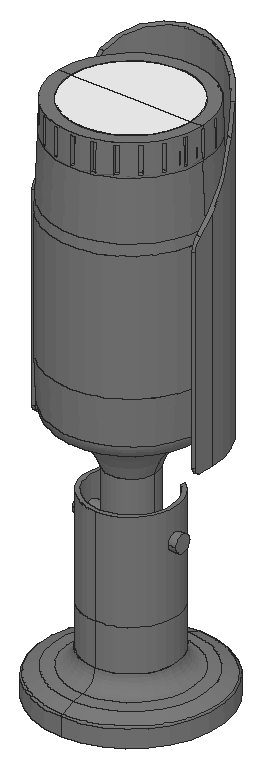
Revit family "Camera-Security-HanwhaTechwin-Bullet-Wisenet Q-QNO-8020R_inch", category Security Devices, host Face, Revit 2020
Family settings
  Host = Face
  Maintain Annotation Orientation = Yes
  Round Connector Dimension = Use Diameter
  Part Type = Normal
  OmniClass Number = 23.85.30.17.14
  OmniClass Title = Video Surveillance
  Cut with Voids When Loaded = No
  Shared = No
  Room Calculation Point = No
Parameters (values of type "Standard")
  zz Length 3 [instance] = if(1 = 1, View Distance + 1.5311", View Distance + 1.5311")  # 37.5311"
  zz Length 2 [instance] = tan(Field of View Horizontal Actual / 2) * View Distance  # 30.10067"
  zz Length 1 [instance] = tan(Field of View Vertical Actual / 2) * View Distance  # 19.99621"
  zz Angle 4 [instance] = if(1 = 1, Camera Shield Rotation, Camera Shield Rotation)  # 0.00°
  zz Angle 3 [instance] = Camera Tilt Actual + 90.00°  # 90.00°
  zz Angle 2 [instance] = 90.00° - Camera Shield Rotation  # 90.00°
  zz Angle 1 [instance] = if(1 = 1, Camera Base Rotation + 270.00°, Camera Base Rotation + 270.00°)  # 270.00°
  Wide Dynamic Range [instance] = "120dB"  # constant formula
  White Balance [instance] = "ATW / AWC / Manual / Indoor / Outdoor"  # constant formula
  Webpage Language [instance] = "English, Korean, Chinese, French, Italian, Spanish, German, Japanese, Russian, Swedish,,\r\nPortuguese, Czech, Polish, Turkish, Dutch, Hungarian, Greek"  # constant formula
  Web Viewer [instance] = "Supported OS : Windows 7, 8.1, 10, Mac OS X 10.10, 10.11, 10.12, 10.13, 10.14\r\nRecommended Browser : Google Chrome\r\nSupported Browser : MS Explorer11, MS Edge, Mozilla Firefox (Windows 64bit only),\r\nApple Safari (Mac OS X only)"  # constant formula
  WarrantyStartDate [instance] = "1900-12-31T23:59:59"
  WarrantyGuarantorParts = ""
  WarrantyGuarantorLabor = ""
  WarrantyDurationUnit = ""
  WarrantyDurationParts = ""
  WarrantyDurationLabor = ""
  WarrantyDescription = ""
  Voltage = 12 V
  View Distance [instance] = 36"
  Video Rotation [instance] = "Flip, Mirror, Hallway view(90˚/270˚)"  # constant formula
  Video Quality Adjustment [instance] = "H.264/H.265 : Target bitrate level control / MJPEG : Quality level control"  # constant formula
  Video Out [instance] = "CVBS : 1.0 Vp-p / 75Ω composite, 720 x 480(N), 720 x 576(P) for installation"  # constant formula
  Video Compression [instance] = "H.265/H.264 : Main/High, MJPEG"  # constant formula
  Version = "1"
  Unit Conversion [instance] = 39.37008"
  Uniclass2 = "Pr_60_75_75_86_86"
  URL = "https://www.hanwha-security.com"
  Tilt Range [instance] = "0˚~67˚"  # constant formula
  TagNumber (default) [instance] = ""
  SustainabilityPerformance = ""
  Streaming [instance] = "Unicast (6 users) / Multicast / Multiple streaming (Up to 3 profiles)"  # constant formula
  Storage Temperature [instance] = "-30°C ~ +60°C (-22°F ~ +140°F)"  # constant formula
  Storage Humidity [instance] = "Less than 90% RH"  # constant formula
  Smart Codec [instance] = "WiseStream II"  # constant formula
  Size = "Ø2.76\" x 9.69\" (Ø70.0 x 246.0mm)"
  Shape = ""
  SerialNumber (default) = ""
  Security [instance] = "HTTPS (SSL) login authentication, Digest login authentication, IP address filtering,\r\nUser access log, 802.1X authentication (EAP-TLS, EAP-LEAP)"  # constant formula
  Rotate Range [instance] = "0˚~355˚"  # constant formula
  Revision = ""
  Resolution [instance] = "2592 x 1944, 1920 x 1080, 1280 x 960, 1280 x 720, 800 x 600, 800 x 448, 720 x 576, 720 x 480,\r\n640 x 480, 640 x 360"  # constant formula
  ReplacementCost = ""
  Protocol [instance] = "IPv4, IPv6, TCP/IP, UDP/IP, RTP(UDP), RTP(TCP), RTCP, RTSP, NTP, HTTP, HTTPS, SSL/TLS, DHCP, FTP, SMTP, ICMP, IGMP, SNMPv1/v2c/v3(MIB-2), ARP, DNS, DDNS, QoS, PIM-SM, UPnP, Bonjour, LLDP"  # constant formula
  ProductInformation = ""
  Product Weight [instance] = "680g (1.499 lb)"  # constant formula
  Product Page URL = "https://www.hanwha-security.com/en/products/camera/network/bullet/QNO-8020R/overview/?serise=Wisenet%20Q"
  Product Material = Aluminum - HanwhaTechwin - Dark grey
  Product Documentation Link = "https://www.hanwha-security.com/en/products/camera/network/bullet/QNO-8020R/download/"
  Privacy Masking [instance] = "6ea, rectangular zones"  # constant formula
  Power Consumption [instance] = "PoE : Max 7.5W, typical 6.1W"  # constant formula
  Pan Range [instance] = "0˚~350˚"  # constant formula
  Operating Temperature [instance] = "-30°C ~ +55°C (-22°F ~ +131°F)\r\n* Start up should be done at above -20°C"  # constant formula
  Operating Humidity [instance] = " Less than 90% RH"  # constant formula
  NominalWidth = "Ø2.76\" (Ø70.0)"
  NominalLength = "Ø2.76\" (Ø70.0)"
  NominalHeight = "9.69\" (246.0mm)"
  Name = "QNO-8020R"
  NBSTypeID = ""
  NBSReference = ""
  NBSOfficeMasterTag = ""
  NBSNote = ""
  NBSDescription = ""
  NBSCertification = ""
  Motion Detection [instance] = "4ea, polygonal zones"  # constant formula
  ModelReference = "Hanwhatechwin"
  ModelNumber = "QNO-8020R"
  Model = "QNO-8020R"  # constant formula
  Min. Illumination [instance] = "Color : 0.15Lux (F1.6, 1/30sec)\r\nBW : 0Lux (IR LED on)"  # constant formula
  Memory [instance] = "512MB RAM, 256MB Flash"  # constant formula
  Max. Framerate [instance] = "H.265/H.264 : Max. 30fps/25fps (60Hz/50Hz) / MJPEG : Max. 15fps/12fps (60Hz/50Hz)"  # constant formula
  Max. Aperture Ratio [instance] = "F1.6"  # constant formula
  Max Resolution [instance] = 2592
  Material = "Aluminum"
  ManufacturerURL = "http://security.hanwhatechwin.com/"
  ManufacturerName = "Hanwhatechwin"
  Manufacturer = "Hanwha Techwin"  # constant formula
  LDC [instance] = "Support"  # constant formula
  InstallationDate (default) [instance] = "1900-12-31T23:59:59"
  Input Voltage [instance] = "PoE (IEEE802.3af, Class3)"  # constant formula
  Imaging Device [instance] = "1/2.8 5MP CMOS"  # constant formula
  IR Viewable Length [instance] = "25m(82.02ft)"  # constant formula
  Grade = ""
  Gain Control [instance] = "Low / Middle / High"  # constant formula
  Focus Control [instance] = "Fixed"  # constant formula
  Focal Length .Zoom Ratio. [instance] = "4.0mm fixed focal"  # constant formula
  Focal Length [instance] = 0.15748"  # constant formula
  FoV Hide Check [instance] = FoV Hide Check
  FoV Cross Check [instance] = FoV Cross Check
  Finish = ""
  Field of View_Recognize [instance] = Field of View - Recognize
  Field of View_Observe [instance] = Field of View - Observe
  Field of View_Identify [instance] = Field of View - Identify
  Field of View_Detect [instance] = Field of View - Detect
  Field of View is Visible_DORI [instance] = no
  Field of View is Visible [instance] = no
  Field of View Vertical Actual [instance] = 58.10°  # constant formula
  Field of View Horizontal Actual [instance] = 79.80°  # constant formula
  Field of View Diagonal Actual [instance] = 105.90°  # constant formula
  Field of View [instance] = Field of View
  Features = "• Max. 5Megapixel (2592 x 1944) resolution\r\n• 2.8mm/4mm/6mm fixed lens\r\n• 0.15Lux (Color), 0Lux (B/W, IR LED on)\r\n• Max. 30fps@5MP (H.265 / H.264)\r\n• H.265, H.264, MJPEG codec support, Multiple streaming\r\n• Day & Night, WDR (120dB)\r\n• Tampering, Motion detection, Defocus detection\r\n• Micro SD / SDHC / SDXC memory slot (Max. 128GB)\r\n• Hallway view, WiseStream II support\r\n• IR Viewable length 20m/25m/30m\r\n• IP66, IK10, PoE"
  ExpectedLife = ""
  Ethernet [instance] = "RJ-45(10/100BASE-T)"  # constant formula
  Electronic Shutter Speed [instance] = "Minimum / Maximum / Anti flicker (1/5~1/12,000sec)"  # constant formula
  Effective Pixels [instance] = "2592(H) x 1944(V)"  # constant formula
  Edge Storage [instance] = "Micro SD/SDHC/SDXC 1slot 128GB"  # constant formula
  DurationUnit = ""
  Distance Recognize [instance] = 1 / 2 * (Max Resolution / 125) / tan(Field of View Horizontal Actual / 2) * Unit Conversion  # 488.18854"
  Distance Observe [instance] = 1 / 2 * (Max Resolution / 62.5) / tan(Field of View Horizontal Actual / 2) * Unit Conversion  # 976.37708"
  Distance Identify [instance] = 1 / 2 * (Max Resolution / 250) / tan(Field of View Horizontal Actual / 2) * Unit Conversion  # 244.09427"
  Distance Detect [instance] = 1 / 2 * (Max Resolution / 25) / tan(Field of View Horizontal Actual / 2) * Unit Conversion  # 2440.94269"
  Digital Noise Reduction [instance] = "SSNR"  # constant formula
  Description = "NBS standard template for generic face-based components"  # constant formula
  Default Elevation = 48"
  Day and Night [instance] = "Auto (ICR)"  # constant formula
  Constituents = ""
  Color = "Dark grey"
  CodePerformance = ""
  Certification [instance] = "IP66, IK10"  # constant formula
  Category = "5MP Network IR Bullet Camera"
  Camera Title [instance] = "Displayed up to 85 characters"  # constant formula
  Camera Tilt Desired [instance] = 0.00°
  Camera Tilt Actual [instance] = if(Camera Tilt Desired > 90.00°, 90.00°, if(Camera Tilt Desired < 0.00°, 0.00°, Camera Tilt Desired))  # 0.00°
  Camera Shield Rotation [instance] = 0.00°
  Camera Shield Actual [instance] = if(Camera Shield Rotation > 350.00°, 350.00°, if(Camera Shield Rotation < 0.00°, 0.00°, Camera Shield Rotation))  # 0.00°
  Camera Base Rotation [instance] = 0.00°
  Camera Base Actual [instance] = if(Camera Base Rotation > 355.00°, 355.00°, if(Camera Base Rotation < 0.00°, 0.00°, Camera Base Rotation))  # 0.00°
  Bitrate Control [instance] = "H.264/H.265 : CBR or VBR / MJPEG : VBR"  # constant formula
  Base Vertical Length [instance] = 0.19685"
  Base Horizontal Length [instance] = 0.19685"
  BarCode (default) [instance] = ""
  Backlight Compensation [instance] = "BLC, WDR, SSDR"  # constant formula
  Author = ""
  AssetType = "Fixed"
  AssetIdentifier (default) [instance] = ""
  Application Programming Interface [instance] = "ONVIF Profile S/G/T SUNAPI (HTTP API)\r\nWisenet open platform"  # constant formula
  Angular Field of View [instance] = "H : 79.8°/ V : 58.1°/ D : 105.9°"  # constant formula
  Analytics [instance] = "Defocus detection, Directional detection, Motion detection, Enter/Exit, Tampering, Virtual line"  # constant formula
  Alarm events [instance] = "File upload via FTP and e-mail, Notification via e-mail,\r\nSD/SDHC/SDXC or NAS recording at event triggers, Alarm output"  # constant formula
  Alarm Triggers [instance] = "Analytics, Network disconnect, Alarm input"  # constant formula
  Alarm Input and Output [instance] = "Input 1ea / Output 1ea"  # constant formula
  AccessibilityPerformance = ""
Reference planes (in)
  plane 1 "Center (Front/Back)": y = 0
  plane 2: z = 0
  plane 3 "Center (Left/Right)": x = 0
  plane 4: z = 1.53031
  plane 5: z = 3.31535
  plane 6: y = -0.79921
  plane 7: y = 0.79921
  plane 8: z = 0.77598
  plane 9: x = -0.43307
  plane 10: x = 0.43307
  plane 11: x = -0.51181
  plane 12: x = 0.51181
  plane 13: z = 2.7878
  plane 14: x = 1.62204
  plane 15: z = 13.7125
  plane 16: z = 6.70473
  plane 17 "1": x = 0
  plane 18: z = 2.75772
  plane 19: z = 9.68504
  plane 20: z = 10.20851
  plane 21: z = 0
  plane 22: z = 4.22426
  plane 23: y = -1.37795
  plane 24: y = 1.67717
  plane 25: x = -1.48031
  plane 26: x = 1.48031
  plane 27: x = 1.37795
  plane 28: x = -1.37795
  plane 29: z = 3.73338
  plane 30: z = 0.43927
Forms (in)
  Extrusion 1, solid, material "Aluminum - HanwhaTechwin - Dark grey" <- "Product Material", detail levels fine
    sketch origin (0, 0, 2.7878) x (0, -1, 0) y (1, 0, 0)
      loop
        circle (0, 0) r 0.79921
      loop
        circle (0, 0) r 0.72441
    from -1.25748 to 0.52756
  Revolve 2, solid, material "Aluminum - HanwhaTechwin - Dark grey" <- "Product Material"
    sketch origin (0, 0, 9.68489) x (1, 0, 0) y (0, 0, 1)
      loop
        line (0, -7.4641) -> (0.43307, -7.4641) -> (0.43307, -5.95151)
        arc (0.43307, -5.95151) -> (0.70613, -5.47299) -> (1.16654, -5.1704) r 1.1811
        arc (1.16654, -5.1704) -> (1.28604, -5.06733) -> (1.34055, -4.91922) r 0.31496
        line (1.34055, -4.91922) -> (1.37795, -4.12219) -> (1.37795, -1.80082)
        arc (1.37795, -1.80082) -> (1.37021, -1.70716) -> (1.36024, -1.61371) r 3.93701
        line (1.36024, -1.61371) -> (1.31299, -0.56647) -> (1.30577, 0) -> (1.08357, 0) -> (1.08357, -0.24975) -> (0, -0.24975) -> (0, -7.4641)
      axis (0, 0) -> (0, -7.4641)
    angle from 0 to 360
  Revolve 3, solid, material "Plastic - HanwhaTechwin - Sun Shield"
    sketch origin (0, 0, 2.7878) x (0, 0, 1) y (-1, 0, 0)
      loop
        line (6.89715, 0) -> (6.64716, 0) -> (6.64716, -1.08357) -> (6.89715, -1.08357) -> (6.89715, 0)
      axis (6.89715, 0) -> (6.64716, 0)
    angle from 0 to 360
  Extrusion 4, solid, material "Aluminum - HanwhaTechwin - Dark grey" <- "Product Material"
    sketch origin (-17.70604, 0, 9.68489) x (1, 0, 0) y (0, 1, 0)
      loop
        arc (19.18636, 0) -> (17.70604, 1.48031) -> (16.22573, 0) r 1.48031
        line (16.22573, 0) -> (16.22573, -0.38583) -> (16.28872, -0.38583) -> (16.28872, 0)
        arc (16.28872, 0) -> (17.70604, 1.41732) -> (19.12337, 0) r 1.41732
        line (19.12337, 0) -> (19.12337, -0.38583) -> (19.18636, -0.38583) -> (19.18636, 0)
    from -5.46063 to 0.52362
  Extrusion 5, solid, material "Aluminum - HanwhaTechwin - Dark grey" <- "Product Material"
    sketch origin (0, 0, 10.66796) x (1, 0, 0) y (0, 0, 1)
      loop
        circle (0, -5.23777) r 0.33465
    from -1.67717 to -1.25969
  Extrusion 6, void, detail levels fine
    sketch origin (0, -1.25, 2.7878) x (0, 0, -1) y (-1, 0, 0)
      loop
        line (-0.52756, 0.47244) -> (-0.52756, -0.47244) -> (0.56181, -0.47244)
        arc (0.56181, -0.47244) -> (0.80472, 0) -> (0.56181, 0.47244) r 0.58088
        line (0.56181, 0.47244) -> (-0.52756, 0.47244)
    from 1.25 to 2.83159
  Extrusion 7, solid, material "Aluminum - HanwhaTechwin - Dark grey" <- "Product Material", detail levels fine
    sketch origin (0, 0, 2.3503) x (0, -1, 0) y (0, 0, 1)
      loop
        circle (0, 0.42049) r 0.15
    from 0.93657 to -0.94175
  Revolve 8, solid, material "Aluminum - HanwhaTechwin - Dark grey" <- "Product Material"
    sketch origin (0, 0, -1.58465) x (0, 1, 0) y (0, 0, 1)
      loop
        line (0, 1.58465) -> (0, 2.36063) -> (-0.81247, 2.36063)
        arc (-0.81247, 2.36063) -> (-0.8914, 2.15725) -> (-1.08355, 2.05395) r 0.31496
        line (-1.08355, 2.05395) -> (-1.2973, 2.02391) -> (-1.54417, 1.92915)
        arc (-1.54417, 1.92915) -> (-1.56231, 1.91498) -> (-1.56942, 1.89308) r 0.03937
        line (-1.56942, 1.89308) -> (-1.5748, 1.58465) -> (0, 1.58465)
      axis (0, 1.58465) -> (0, 2.36063)
    angle from 0 to 360
  Revolve 9, solid, material "Aluminum - HanwhaTechwin - Dark grey" <- "Product Material"
    sketch origin (0, 0, -1.58465) x (0, 1, 0) y (0, 0, 1)
      loop
        line (-0.79921, 2.36063) -> (0, 2.36063) -> (0, 3.11496) -> (-0.79921, 3.11496) -> (-0.79921, 2.36063)
      axis (0, 2.36063) -> (0, 3.11496)
    angle from 0 to 360
  Extrusion 10, void
    sketch origin (0, 0, 10.66789) x (0, 1, 0) y (0, 0, 1)
      loop
        line (-0.38583, -6.32552) -> (-0.38583, -6.44363) -> (-0.26772, -6.44363)
        arc (-0.26772, -6.44363) -> (-0.35123, -6.40904) -> (-0.38583, -6.32552) r 0.11811
      loop
        line (1.48839, -0.45938) -> (-0.38583, -0.45938) -> (-0.38583, -2.81427)
        arc (-0.38583, -2.81427) -> (-0.34425, -2.69635) -> (-0.26737, -2.59774) r 0.38854
        arc (-0.26737, -2.59774) -> (0.22273, -2.04876) -> (0.60212, -1.41816) r 3.93757
        arc (0.60212, -1.41816) -> (0.73713, -1.21182) -> (0.82938, -0.98314) r 1.26049
        arc (0.82938, -0.98314) -> (1.13057, -0.68563) -> (1.48839, -0.45938) r 1.969
    from 1.48031 to -1.48031
  Extrusion 11, void, detail levels fine
    sketch origin (0, 0, 2.22078) x (0, -1, 0) y (1, 0, 0)
      loop
        line (1.24718, -0.03937) -> (1.33555, -0.03937) -> (1.33555, 0.03937) -> (1.24718, 0.03937)
        arc (1.24718, 0.03937) -> (1.20781, 0) -> (1.24718, -0.03937) r 0.03937
    from 7.4248 to 6.93701
  Extrusion 12, void, detail levels fine
    sketch origin (0, 0, 2.22078) x (0.258819, -0.965926, 0) y (0.965926, 0.258819, 0)
      loop
        line (1.24718, -0.03937) -> (1.33555, -0.03937) -> (1.33555, 0.03937) -> (1.24718, 0.03937)
        arc (1.24718, 0.03937) -> (1.20781, 0) -> (1.24718, -0.03937) r 0.03937
    from 7.4248 to 6.93701
  Extrusion 13, void, detail levels fine
    sketch origin (0, 0, 2.22078) x (0.5, -0.866025, 0) y (0.866025, 0.5, 0)
      loop
        line (1.24718, -0.03937) -> (1.33555, -0.03937) -> (1.33555, 0.03937) -> (1.24718, 0.03937)
        arc (1.24718, 0.03937) -> (1.20781, 0) -> (1.24718, -0.03937) r 0.03937
    from 7.4248 to 6.93701
  Extrusion 14, void, detail levels fine
    sketch origin (0, 0, 2.22078) x (0.707107, -0.707107, 0) y (0.707107, 0.707107, 0)
      loop
        line (1.24718, -0.03937) -> (1.33555, -0.03937) -> (1.33555, 0.03937) -> (1.24718, 0.03937)
        arc (1.24718, 0.03937) -> (1.20781, 0) -> (1.24718, -0.03937) r 0.03937
    from 7.4248 to 6.93701
  Extrusion 15, void, detail levels fine
    sketch origin (0, 0, 2.22078) x (0.866025, -0.5, 0) y (0.5, 0.866025, 0)
      loop
        line (1.24718, -0.03937) -> (1.33555, -0.03937) -> (1.33555, 0.03937) -> (1.24718, 0.03937)
        arc (1.24718, 0.03937) -> (1.20781, 0) -> (1.24718, -0.03937) r 0.03937
    from 7.4248 to 6.93701
  Extrusion 16, void, detail levels fine
    sketch origin (0, 0, 2.22078) x (0.965926, -0.258819, 0) y (0.258819, 0.965926, 0)
      loop
        line (1.24718, -0.03937) -> (1.33555, -0.03937) -> (1.33555, 0.03937) -> (1.24718, 0.03937)
        arc (1.24718, 0.03937) -> (1.20781, 0) -> (1.24718, -0.03937) r 0.03937
    from 7.4248 to 6.93701
  Extrusion 17, void, detail levels fine
    sketch origin (0, 0, 2.22078) x (1, 0, 0) y (0, 1, 0)
      loop
        line (1.24718, -0.03937) -> (1.33555, -0.03937) -> (1.33555, 0.03937) -> (1.24718, 0.03937)
        arc (1.24718, 0.03937) -> (1.20781, 0) -> (1.24718, -0.03937) r 0.03937
    from 7.4248 to 6.93701
  Extrusion 18, void, detail levels fine
    sketch origin (0, 0, 2.22078) x (0.965926, 0.258819, 0) y (-0.258819, 0.965926, 0)
      loop
        line (1.24718, -0.03937) -> (1.33555, -0.03937) -> (1.33555, 0.03937) -> (1.24718, 0.03937)
        arc (1.24718, 0.03937) -> (1.20781, 0) -> (1.24718, -0.03937) r 0.03937
    from 7.4248 to 6.93701
  Extrusion 19, void, detail levels fine
    sketch origin (0, 0, 2.22078) x (0.866025, 0.5, 0) y (-0.5, 0.866025, 0)
      loop
        line (1.24718, -0.03937) -> (1.33555, -0.03937) -> (1.33555, 0.03937) -> (1.24718, 0.03937)
        arc (1.24718, 0.03937) -> (1.20781, 0) -> (1.24718, -0.03937) r 0.03937
    from 7.4248 to 6.93701
  Extrusion 20, void, detail levels fine
    sketch origin (0, 0, 2.22078) x (0.707107, 0.707107, 0) y (-0.707107, 0.707107, 0)
      loop
        line (1.24718, -0.03937) -> (1.33555, -0.03937) -> (1.33555, 0.03937) -> (1.24718, 0.03937)
        arc (1.24718, 0.03937) -> (1.20781, 0) -> (1.24718, -0.03937) r 0.03937
    from 7.4248 to 6.93701
  Extrusion 21, void, detail levels fine
    sketch origin (0, 0, 2.22078) x (0.5, 0.866025, 0) y (-0.866025, 0.5, 0)
      loop
        line (1.24718, -0.03937) -> (1.33555, -0.03937) -> (1.33555, 0.03937) -> (1.24718, 0.03937)
        arc (1.24718, 0.03937) -> (1.20781, 0) -> (1.24718, -0.03937) r 0.03937
    from 7.4248 to 6.93701
  Extrusion 22, void, detail levels fine
    sketch origin (0, 0, 2.22078) x (0.258819, 0.965926, 0) y (-0.965926, 0.258819, 0)
      loop
        line (1.24718, -0.03937) -> (1.33555, -0.03937) -> (1.33555, 0.03937) -> (1.24718, 0.03937)
        arc (1.24718, 0.03937) -> (1.20781, 0) -> (1.24718, -0.03937) r 0.03937
    from 7.4248 to 6.93701
  Extrusion 23, void, detail levels fine
    sketch origin (0, 0, 2.22078) x (0, 1, 0) y (-1, 0, 0)
      loop
        line (1.24718, -0.03937) -> (1.33555, -0.03937) -> (1.33555, 0.03937) -> (1.24718, 0.03937)
        arc (1.24718, 0.03937) -> (1.20781, 0) -> (1.24718, -0.03937) r 0.03937
    from 7.4248 to 6.93701
  Extrusion 24, void, detail levels fine
    sketch origin (0, 0, 2.22078) x (-0.258819, 0.965926, 0) y (-0.965926, -0.258819, 0)
      loop
        line (1.24718, -0.03937) -> (1.33555, -0.03937) -> (1.33555, 0.03937) -> (1.24718, 0.03937)
        arc (1.24718, 0.03937) -> (1.20781, 0) -> (1.24718, -0.03937) r 0.03937
    from 7.4248 to 6.93701
  Extrusion 25, void, detail levels fine
    sketch origin (0, 0, 2.22078) x (-0.5, 0.866025, 0) y (-0.866025, -0.5, 0)
      loop
        line (1.24718, -0.03937) -> (1.33555, -0.03937) -> (1.33555, 0.03937) -> (1.24718, 0.03937)
        arc (1.24718, 0.03937) -> (1.20781, 0) -> (1.24718, -0.03937) r 0.03937
    from 7.4248 to 6.93701
  Extrusion 26, void, detail levels fine
    sketch origin (0, 0, 2.22078) x (-0.707107, 0.707107, 0) y (-0.707107, -0.707107, 0)
      loop
        line (1.24718, -0.03937) -> (1.33555, -0.03937) -> (1.33555, 0.03937) -> (1.24718, 0.03937)
        arc (1.24718, 0.03937) -> (1.20781, 0) -> (1.24718, -0.03937) r 0.03937
    from 7.4248 to 6.93701
  Extrusion 27, void, detail levels fine
    sketch origin (0, 0, 2.22078) x (-0.866025, 0.5, 0) y (-0.5, -0.866025, 0)
      loop
        line (1.24718, -0.03937) -> (1.33555, -0.03937) -> (1.33555, 0.03937) -> (1.24718, 0.03937)
        arc (1.24718, 0.03937) -> (1.20781, 0) -> (1.24718, -0.03937) r 0.03937
    from 7.4248 to 6.93701
  Extrusion 28, void, detail levels fine
    sketch origin (0, 0, 2.22078) x (-0.965926, 0.258819, 0) y (-0.258819, -0.965926, 0)
      loop
        line (1.24718, -0.03937) -> (1.33555, -0.03937) -> (1.33555, 0.03937) -> (1.24718, 0.03937)
        arc (1.24718, 0.03937) -> (1.20781, 0) -> (1.24718, -0.03937) r 0.03937
    from 7.4248 to 6.93701
  Extrusion 29, void, detail levels fine
    sketch origin (0, 0, 2.22078) x (-1, 0, 0) y (0, -1, 0)
      loop
        line (1.24718, -0.03937) -> (1.33555, -0.03937) -> (1.33555, 0.03937) -> (1.24718, 0.03937)
        arc (1.24718, 0.03937) -> (1.20781, 0) -> (1.24718, -0.03937) r 0.03937
    from 7.4248 to 6.93701
  Extrusion 30, void, detail levels fine
    sketch origin (0, 0, 2.22078) x (-0.965926, -0.258819, 0) y (0.258819, -0.965926, 0)
      loop
        line (1.24718, -0.03937) -> (1.33555, -0.03937) -> (1.33555, 0.03937) -> (1.24718, 0.03937)
        arc (1.24718, 0.03937) -> (1.20781, 0) -> (1.24718, -0.03937) r 0.03937
    from 7.4248 to 6.93701
  Extrusion 31, void, detail levels fine
    sketch origin (0, 0, 2.22078) x (-0.866025, -0.5, 0) y (0.5, -0.866025, 0)
      loop
        line (1.24718, -0.03937) -> (1.33555, -0.03937) -> (1.33555, 0.03937) -> (1.24718, 0.03937)
        arc (1.24718, 0.03937) -> (1.20781, 0) -> (1.24718, -0.03937) r 0.03937
    from 7.4248 to 6.93701
  Extrusion 32, void, detail levels fine
    sketch origin (0, 0, 2.22078) x (-0.707107, -0.707107, 0) y (0.707107, -0.707107, 0)
      loop
        line (1.24718, -0.03937) -> (1.33555, -0.03937) -> (1.33555, 0.03937) -> (1.24718, 0.03937)
        arc (1.24718, 0.03937) -> (1.20781, 0) -> (1.24718, -0.03937) r 0.03937
    from 7.4248 to 6.93701
  Extrusion 33, void, detail levels fine
    sketch origin (0, 0, 2.22078) x (-0.5, -0.866025, 0) y (0.866025, -0.5, 0)
      loop
        line (1.24718, -0.03937) -> (1.33555, -0.03937) -> (1.33555, 0.03937) -> (1.24718, 0.03937)
        arc (1.24718, 0.03937) -> (1.20781, 0) -> (1.24718, -0.03937) r 0.03937
    from 7.4248 to 6.93701
  Extrusion 34, void, detail levels fine
    sketch origin (0, 0, 2.22078) x (-0.258819, -0.965926, 0) y (0.965926, -0.258819, 0)
      loop
        line (1.24718, -0.03937) -> (1.33555, -0.03937) -> (1.33555, 0.03937) -> (1.24718, 0.03937)
        arc (1.24718, 0.03937) -> (1.20781, 0) -> (1.24718, -0.03937) r 0.03937
    from 7.4248 to 6.93701
  Extrusion 35, void, detail levels fine
    sketch origin (0, 0, 2.7878) x (0, 0, -1) y (0, 1, 0)
      loop
        line (-1.43252, 1.44265) -> (-1.43252, 1.48032) -> (-3.87314, 1.48032)
        arc (-3.87314, 1.48032) -> (-3.83822, 1.45255) -> (-3.79473, 1.44265) r 0.10043
        line (-3.79473, 1.44265) -> (-1.43252, 1.44265)
    from 0.51181 to -0.51181
  Extrusion 36, void, detail levels fine
    sketch origin (0, 1.44265, 4.22032) x (0, 0, -1) y (1, 0, 0)
      loop
        line (-0.91758, -0.16296) -> (-0.54535, -0.16296) -> (-0.54535, 0.16296) -> (-0.91758, 0.16296)
        arc (-0.91758, 0.16296) -> (-0.87522, 0) -> (-0.91758, -0.16296) r 0.33465
    from 0.02532 to -0.10854
  Revolve 37, solid, material "Aluminum - HanwhaTechwin - Dark grey" <- "Product Material", detail levels coarse+medium
    sketch origin (0, 0, 9.68495) x (1, 0, 0) y (0, 0, 1)
      loop
        line (1.37795, -4.12226) -> (1.37795, -1.80088) -> (1.36024, -1.61377) -> (1.3119, -0.52716) -> (1.30577, -0.00006) -> (1.08357, -0.00006) -> (1.08357, -0.24982) -> (0, -0.24982) -> (0, -4.12226) -> (1.37795, -4.12226)
      axis (0, -0.00006) -> (0, -4.12226)
    angle from 0 to 360
  Extrusion 38, solid, material "Aluminum - HanwhaTechwin - Dark grey" <- "Product Material", detail levels coarse+medium
    sketch origin (0, 0, 1.53031) x (-1, 0, 0) y (0, -1, 0)
      loop
        circle (0, 0) r 0.79752
    from 1.78504 to 0
Cuts and joins
  Extrusion 11, Extrusion 12, Extrusion 13, Extrusion 14, Extrusion 15, Extrusion 16, Extrusion 17, Extrusion 18, Extrusion 19, Extrusion 20, Extrusion 21, Extrusion 22, Extrusion 23, Extrusion 24, Extrusion 25, Extrusion 26, Extrusion 27, Extrusion 28, Extrusion 29, Extrusion 30, Extrusion 31, Extrusion 32, Extrusion 33, Extrusion 34 cuts Revolve 2
  Extrusion 6, Extrusion 10, Extrusion 12, Extrusion 13, Extrusion 14, Extrusion 15, Extrusion 16, Extrusion 17, Extrusion 18, Extrusion 19, Extrusion 20, Extrusion 21, Extrusion 22, Extrusion 23, Extrusion 24, Extrusion 25, Extrusion 26, Extrusion 27, Extrusion 28, Extrusion 29, Extrusion 30, Extrusion 31, Extrusion 32, Extrusion 33, Extrusion 34, Extrusion 35, Extrusion 36 cuts Extrusion 4
  Extrusion 6, Extrusion 36 cuts Extrusion 5
  joined: Revolve 2, Extrusion 4, Extrusion 5
  Extrusion 6 cuts Extrusion 1
  joined: Extrusion 1, Extrusion 7
Lines and regions (in)
  reference lines
    curve 1: line (0, 0, 2.7878) -> (0, -1.25, 2.7878)
    curve 2: line (0, 0, 2.7878) -> (0, 0, 9.68489)
    curve 3: line (1.60218, 0, 3.90243) -> (1.60218, 0, 9.68495)
    curve 4: line (0, 0, 9.68495) -> (1.60218, 0, 9.68495)
    curve 5: line (0, 0, 6.31113) -> (1.60218, 0, 6.31113)
    curve 6: line (0, 0, 5.40565) -> (1.60218, 0, 5.40565)
    curve 7: line (0.68898, 0, 3.90243) -> (0.68898, 0, 9.68495)
    curve 8: line (0.59055, 0, 3.90243) -> (0.59055, 0, 9.68495)
    curve 9: line (0, 0, 5.73558) -> (1.60218, 0, 5.73558)
    curve 10: line (1.08357, 0, 3.90243) -> (1.08357, 0, 9.68495)
    curve 11: line (1.60218, 0, 5.1379) -> (0, 0, 5.1379)
    curve 12: line (0, 0, 3.90243) -> (1.60218, 0, 3.90243)
    curve 13: line (0, 0, 9.68489) -> (1.60218, 0, 9.68489)
    curve 14: line (1.08357, 0, 9.43496) -> (0, 0, 9.43496)
    curve 15: line (0, 0, 9.68489) -> (0, -0.5, 9.68489)
    curve 16: line (0, 0, 9.68489) -> (-0.5, 0, 9.68489)
    curve 17: line (1.26181, 0, 9.65079) -> (-1.26181, 0, 9.65079)
    curve 18: line (-1.31299, 0, 9.16299) -> (1.31299, 0, 9.16299)
Dimensions and locks (in)
  equal spacing: plane 6, plane 1 "Center (Front/Back)", plane 7
  locked: curve 13 to curve 13
  locked: curve 2 to curve 13
  locked: curve 1 to curve 2
  plane 13 to plane 5 = 0.52756"  (x2)
  Revolve 8 to plane 20 = 10.20851"
  locked: plane 20 to plane 21 at 10.20851
  locked: plane 19 to plane 21 at 9.68504
  locked: plane 20 to plane 22 at 5.98425
  plane 24 to plane 23 = 3.05512"
  equal spacing: plane 25, plane 17 "1", plane 26
  plane 25 to plane 26 = 2.96063"
  plane 28 to plane 27 = 2.75591"  (x2)
  plane 22 to plane 29 to plane 5 to plane 4 to plane 8 to plane 30 to plane 21 = 0.49088", 0.41803", 1.78504", 0.75433", 0.33672", 0.43927"
  plane 21 to level = 0"
  equal spacing: plane 28, plane 17 "1", plane 27
  "zz Angle 1": angle curve 1 to plane 1 "Center (Front/Back)"
  "zz Angle 3": angle curve 1 to curve 2
  "zz Angle 4": angle curve 4 to curve 13
  "zz Angle 2": angle curve 15 to curve 4
  aligned and locked: plane 2 to host face
  aligned and locked: level to host face
  aligned and locked: Extrusion 1 to plane 4
  aligned and locked: plane 5 to Extrusion 1
  aligned and locked: plane 1 "Center (Front/Back)" to curve 1
  aligned and locked: plane 3 "Center (Left/Right)" to curve 1
  aligned and locked: Revolve 3 sketch curve to curve 10
  aligned and locked: Revolve 3 sketch curve to curve 14
  aligned and locked: Revolve 3 sketch curve to curve 4
  aligned and locked: Revolve 2 sketch curve to Revolve 2 sketch curve
  aligned and locked: plane 3 "Center (Left/Right)" to plane 17 "1"
  aligned and locked: Revolve 8 sketch curve to Revolve 8 sketch curve
  aligned and locked: curve 13 to Revolve 2 sketch curve
  aligned and locked: plane 5 to Extrusion 38
Automatic sketch dimensions
  host sketch curve to host sketch curve = 6.10415"
  host sketch curve to host sketch curve = 6.61996"
  Revolve 3 sketch curve to curve 2 = 0"  (x2)
  Revolve 3 sketch curve to Revolve 3 sketch curve = 0"  (x2)
  curve 16 to curve 15 = 0"  (x2)
  curve 16 to curve 15 = 0.5"
  Extrusion 7 sketch curve to curve 1 = 0"
  Extrusion 7 sketch curve to curve 1 = 0.01701"
  Extrusion 1 sketch curve to curve 1 = 0"  (x2)
  Revolve 9 sketch curve to plane 4 = 0"  (x2)
  Revolve 9 sketch curve to plane 6 = 0"
  Revolve 9 sketch curve to plane 1 "Center (Front/Back)" = 0"  (x2)
  Revolve 9 sketch curve to plane 8 = 0"  (x2)
  curve 12 to curve 2 = 0"
  curve 11 to curve 2 = 0"
  curve 6 to curve 2 = 0"
  curve 9 to curve 2 = 0"
  curve 5 to curve 2 = 0"
  curve 14 to curve 2 = 0"
  curve 4 to curve 2 = 0"
  curve 2 to curve 3 = 1.11464"
  curve 2 to curve 4 = 0.00006"
  curve 12 to curve 2 = 1.60218"
  curve 12 to curve 11 = 1.23547"
  curve 11 to curve 6 = 0.26775"
  curve 6 to curve 9 = 0.32993"
  curve 9 to curve 5 = 0.57555"
  curve 14 to curve 4 = 0.24999"
  curve 2 to curve 8 = 0.59055"
  curve 7 to curve 8 = 0.09843"
  curve 10 to curve 7 = 0.39459"
  curve 13 to Extrusion 4 sketch curve = 0"  (x2)
  Extrusion 4 sketch curve to Extrusion 4 sketch curve = 0.38583"  (x2)
  Extrusion 4 sketch curve to Extrusion 4 sketch curve = 0.06299"
  Extrusion 4 sketch curve to Extrusion 4 sketch curve = 0"
  Extrusion 4 sketch curve to curve 13 = 0"
  Extrusion 4 sketch curve to curve 13 = 1.41732"
  Extrusion 6 sketch curve to plane 5 = 0"
  plane 13 to Extrusion 6 sketch curve = 0.22384"
  plane 13 to Extrusion 6 sketch curve = 0.56181"  (x2)
  Extrusion 6 sketch curve to Extrusion 6 sketch curve = 0.47244"
  Extrusion 10 sketch curve to curve 15 = 2.35567"
  Extrusion 10 sketch curve to curve 15 = 0.52362"
  Extrusion 10 sketch curve to curve 15 = 1.48839"
  curve 15 to Extrusion 10 sketch curve = 0.00338"
  Extrusion 10 sketch curve to curve 15 = 0.23228"
  Extrusion 10 sketch curve to curve 15 = 0.11991"
  Extrusion 10 sketch curve to curve 15 = 0.11417"  (x2)
  Extrusion 10 sketch curve to curve 15 = 1.27056"
  curve 15 to Extrusion 10 sketch curve = 2.44682"
  curve 15 to Extrusion 10 sketch curve = 0.35484"
  Extrusion 10 sketch curve to Extrusion 10 sketch curve = 1.7677"
  Extrusion 10 sketch curve to curve 15 = 1.83127"
  Extrusion 10 sketch curve to curve 15 = 1.89984"
  Extrusion 10 sketch curve to curve 15 = 5.34252"
  Extrusion 10 sketch curve to curve 15 = 0.82938"
  Extrusion 10 sketch curve to Extrusion 10 sketch curve = 0.22726"
  curve 13 to Extrusion 5 sketch curve = 0"
  Extrusion 5 sketch curve to curve 13 = 4.2547"
  curve 13 to Revolve 2 sketch curve = 0"
  Revolve 2 sketch curve to curve 13 = 13.55952"
  Revolve 2 sketch curve to curve 13 = 7.4641"
  Revolve 2 sketch curve to curve 13 = 0.24975"
  curve 13 to Revolve 2 sketch curve = 2.94048"
  Revolve 2 sketch curve to curve 13 = 2.54927"
  curve 13 to Revolve 2 sketch curve = 0.43307"
  Revolve 2 sketch curve to curve 13 = 0.57504"
  Revolve 2 sketch curve to curve 13 = 0.51862"
  Revolve 2 sketch curve to Revolve 2 sketch curve = 0.2222"
  Revolve 2 sketch curve to curve 13 = 0.28919"
  Revolve 2 sketch curve to curve 13 = 0.26163"
  Revolve 2 sketch curve to curve 13 = 0.24195"
  Revolve 2 sketch curve to curve 13 = 0.03504"
  Revolve 2 sketch curve to curve 13 = 6.28149"
  Revolve 2 sketch curve to curve 13 = 5.95151"
  Revolve 2 sketch curve to curve 13 = 4.91922"
  Revolve 2 sketch curve to Revolve 2 sketch curve = 0.03126"
  Revolve 2 sketch curve to curve 13 = 4.12219"
  Revolve 2 sketch curve to curve 13 = 2.07828"
  Revolve 2 sketch curve to curve 13 = 1.80082"
  Revolve 2 sketch curve to curve 13 = 0.56647"
  Extrusion 11 sketch curve to Extrusion 11 sketch curve = 0.08837"
  Extrusion 11 sketch curve to Extrusion 11 sketch curve = 0.03937"
  Extrusion 11 sketch curve to Extrusion 11 sketch curve = 0"
  Extrusion 12 sketch curve to Extrusion 12 sketch curve = 0.08837"
  Extrusion 12 sketch curve to Extrusion 12 sketch curve = 0.03937"
  Extrusion 12 sketch curve to Extrusion 12 sketch curve = 0"
  Extrusion 13 sketch curve to Extrusion 13 sketch curve = 0.08837"
  Extrusion 13 sketch curve to Extrusion 13 sketch curve = 0.03937"
  Extrusion 13 sketch curve to Extrusion 13 sketch curve = 0"
  Extrusion 14 sketch curve to Extrusion 14 sketch curve = 0.08837"
  Extrusion 14 sketch curve to Extrusion 14 sketch curve = 0.03937"
  Extrusion 14 sketch curve to Extrusion 14 sketch curve = 0"
  Extrusion 15 sketch curve to Extrusion 15 sketch curve = 0.08837"
  Extrusion 15 sketch curve to Extrusion 15 sketch curve = 0.03937"
  Extrusion 15 sketch curve to Extrusion 15 sketch curve = 0"
  Extrusion 16 sketch curve to Extrusion 16 sketch curve = 0.08837"
  Extrusion 16 sketch curve to Extrusion 16 sketch curve = 0.03937"
  Extrusion 16 sketch curve to Extrusion 16 sketch curve = 0"
  Extrusion 17 sketch curve to Extrusion 17 sketch curve = 0.08837"
  Extrusion 17 sketch curve to Extrusion 17 sketch curve = 0.03937"
  Extrusion 17 sketch curve to Extrusion 17 sketch curve = 0"
  Extrusion 18 sketch curve to Extrusion 18 sketch curve = 0.08837"
  Extrusion 18 sketch curve to Extrusion 18 sketch curve = 0.03937"
  Extrusion 18 sketch curve to Extrusion 18 sketch curve = 0"
  Extrusion 19 sketch curve to Extrusion 19 sketch curve = 0.08837"
  Extrusion 19 sketch curve to Extrusion 19 sketch curve = 0.03937"
  Extrusion 19 sketch curve to Extrusion 19 sketch curve = 0"
  Extrusion 20 sketch curve to Extrusion 20 sketch curve = 0.08837"
  Extrusion 20 sketch curve to Extrusion 20 sketch curve = 0.03937"
  Extrusion 20 sketch curve to Extrusion 20 sketch curve = 0"
  Extrusion 21 sketch curve to Extrusion 21 sketch curve = 0.08837"
  Extrusion 21 sketch curve to Extrusion 21 sketch curve = 0.03937"
  Extrusion 21 sketch curve to Extrusion 21 sketch curve = 0"
  Extrusion 22 sketch curve to Extrusion 22 sketch curve = 0.08837"
  Extrusion 22 sketch curve to Extrusion 22 sketch curve = 0.03937"
  Extrusion 22 sketch curve to Extrusion 22 sketch curve = 0"
  Extrusion 23 sketch curve to Extrusion 23 sketch curve = 0.08837"
  Extrusion 23 sketch curve to Extrusion 23 sketch curve = 0.03937"
  Extrusion 23 sketch curve to Extrusion 23 sketch curve = 0"
  Extrusion 24 sketch curve to Extrusion 24 sketch curve = 0.08837"
  Extrusion 24 sketch curve to Extrusion 24 sketch curve = 0.03937"
  Extrusion 24 sketch curve to Extrusion 24 sketch curve = 0"
  Extrusion 25 sketch curve to Extrusion 25 sketch curve = 0.08837"
  Extrusion 25 sketch curve to Extrusion 25 sketch curve = 0.03937"
  Extrusion 25 sketch curve to Extrusion 25 sketch curve = 0"
  Extrusion 26 sketch curve to Extrusion 26 sketch curve = 0.08837"
  Extrusion 26 sketch curve to Extrusion 26 sketch curve = 0.03937"
  Extrusion 26 sketch curve to Extrusion 26 sketch curve = 0"
  Extrusion 27 sketch curve to Extrusion 27 sketch curve = 0.08837"
  Extrusion 27 sketch curve to Extrusion 27 sketch curve = 0.03937"
  Extrusion 27 sketch curve to Extrusion 27 sketch curve = 0"
  Extrusion 28 sketch curve to Extrusion 28 sketch curve = 0.08837"
  Extrusion 28 sketch curve to Extrusion 28 sketch curve = 0.03937"
  Extrusion 28 sketch curve to Extrusion 28 sketch curve = 0"
  Extrusion 29 sketch curve to Extrusion 29 sketch curve = 0.08837"
  Extrusion 29 sketch curve to Extrusion 29 sketch curve = 0.03937"
  Extrusion 29 sketch curve to Extrusion 29 sketch curve = 0"
  Extrusion 30 sketch curve to Extrusion 30 sketch curve = 0.08837"
  Extrusion 30 sketch curve to Extrusion 30 sketch curve = 0.03937"
  Extrusion 30 sketch curve to Extrusion 30 sketch curve = 0"
  Extrusion 31 sketch curve to Extrusion 31 sketch curve = 0.08837"
  Extrusion 31 sketch curve to Extrusion 31 sketch curve = 0.03937"
  Extrusion 31 sketch curve to Extrusion 31 sketch curve = 0"
  Extrusion 32 sketch curve to Extrusion 32 sketch curve = 0.08837"
  Extrusion 32 sketch curve to Extrusion 32 sketch curve = 0.03937"
  Extrusion 32 sketch curve to Extrusion 32 sketch curve = 0"
  Extrusion 33 sketch curve to Extrusion 33 sketch curve = 0.08837"
  Extrusion 33 sketch curve to Extrusion 33 sketch curve = 0.03937"
  Extrusion 33 sketch curve to Extrusion 33 sketch curve = 0"
  Extrusion 34 sketch curve to Extrusion 34 sketch curve = 0.08837"
  Extrusion 34 sketch curve to Extrusion 34 sketch curve = 0.03937"
  Extrusion 34 sketch curve to Extrusion 34 sketch curve = 0"
  Extrusion 11 sketch curve to Revolve 2 = 1.24718"
  Extrusion 12 sketch curve to Revolve 2 = 1.21487"
  Extrusion 13 sketch curve to Revolve 2 = 1.09977"
  Extrusion 14 sketch curve to Revolve 2 = 0.90973"
  Extrusion 15 sketch curve to Revolve 2 = 0.65768"
  Extrusion 16 sketch curve to Revolve 2 = 0.36082"
  Revolve 2 to Extrusion 17 sketch curve = 0"
  Revolve 2 to Extrusion 18 sketch curve = 0.28476"
  Revolve 2 to Extrusion 19 sketch curve = 0.58949"
  Revolve 2 to Extrusion 20 sketch curve = 0.85405"
  Revolve 2 to Extrusion 21 sketch curve = 1.0604"
  Revolve 2 to Extrusion 22 sketch curve = 1.19449"
  Revolve 2 to Extrusion 23 sketch curve = 1.24718"
  Revolve 2 to Extrusion 24 sketch curve = 1.21487"
  Revolve 2 to Extrusion 25 sketch curve = 1.09977"
  Revolve 2 to Extrusion 26 sketch curve = 0.90973"
  Revolve 2 to Extrusion 27 sketch curve = 0.65768"
  Revolve 2 to Extrusion 28 sketch curve = 0.36082"
  Extrusion 29 sketch curve to Revolve 2 = 0"
  Extrusion 30 sketch curve to Revolve 2 = 0.28476"
  Extrusion 31 sketch curve to Revolve 2 = 0.58949"
  Extrusion 32 sketch curve to Revolve 2 = 0.85405"
  Extrusion 33 sketch curve to Revolve 2 = 1.0604"
  Extrusion 34 sketch curve to Revolve 2 = 1.19449"
  curve 2 to Extrusion 35 sketch curve = 1.48032"
  curve 2 to Extrusion 35 sketch curve = 3.02395"
  Extrusion 35 sketch curve to Extrusion 35 sketch curve = 0.07841"
  Extrusion 35 sketch curve to Extrusion 35 sketch curve = 0.03768"
  Extrusion 35 sketch curve to curve 2 = 1.43252"
  Extrusion 35 to Extrusion 36 sketch curve = 1.15234"
  Extrusion 36 sketch curve to Extrusion 36 sketch curve = 0.29229"
  Extrusion 36 sketch curve to Extrusion 36 sketch curve = 0"
  Extrusion 36 sketch curve to Extrusion 36 sketch curve = 0.37224"
  Extrusion 36 sketch curve to Extrusion 35 = 0.34885"
  Extrusion 36 sketch curve to Extrusion 36 sketch curve = 0.16296"
  Revolve 2 sketch curve to Revolve 2 sketch curve = 0.0374"
  Revolve 8 sketch curve to plane 21 = 0"
  Revolve 8 sketch curve to plane 1 "Center (Front/Back)" = 0"
  Revolve 8 sketch curve to level = 1.58465"
  Revolve 8 sketch curve to Revolve 8 sketch curve = 0.00069"
  plane 6 to Revolve 8 sketch curve = 0.01326"
  Revolve 8 sketch curve to plane 8 = 0"
  plane 8 to Revolve 8 sketch curve = 0.00522"
  Revolve 8 sketch curve to Revolve 8 sketch curve = 0.21375"
  Revolve 37 sketch curve to curve 4 = 0"
  curve 4 to Revolve 37 sketch curve = 0"
  Revolve 37 sketch curve to curve 4 = 8.26772"
  Revolve 37 sketch curve to curve 4 = 4.12226"
  Revolve 37 sketch curve to curve 4 = 0.24982"
  curve 4 to Revolve 37 sketch curve = 0.7874"
  Revolve 37 sketch curve to curve 4 = 0.51862"
  curve 4 to Revolve 37 sketch curve = 0.00006"
  Revolve 37 sketch curve to Revolve 37 sketch curve = 0.2222"
  Revolve 37 sketch curve to curve 4 = 0.29028"
  Revolve 37 sketch curve to curve 4 = 0.24195"
  Revolve 37 sketch curve to curve 4 = 1.80088"
  Revolve 37 sketch curve to Revolve 37 sketch curve = 0.18711"
  Revolve 37 sketch curve to curve 4 = 0.52716"
  Revolve 37 sketch curve to Revolve 37 sketch curve = 0.01772"
  plane 6 to Revolve 8 sketch curve = 0.28434"
  Revolve 8 sketch curve to Revolve 8 sketch curve = 0.23275"
  Revolve 8 sketch curve to Revolve 8 sketch curve = 0.01411"
  Revolve 8 sketch curve to Revolve 8 sketch curve = 0.00538"
  plane 30 to Revolve 8 sketch curve = 0"
  Revolve 8 sketch curve to Revolve 8 sketch curve = 0.03936"
  plane 23 to Revolve 8 sketch curve = 0.25057"
  plane 30 to Revolve 8 sketch curve = 0.13152"
  plane 30 to Revolve 8 sketch curve = 0.04557"
  radius of Extrusion 7 sketch curve = 0.15"
  radius of Extrusion 1 sketch curve = 0.79921"
  radius of Extrusion 5 sketch curve = 0.33465"
  radius of Extrusion 38 sketch curve to Revolve 9 = 0.00169"
Nested families (in)
  nested 1: "Security Camera Symbol" at (0, 0, 0), type "Security Camera Symbol"
  nested 2: "DORI FOV" at (0, 0, 9.68489), Field of View is Visible <- "Field of View is Visible", Field of View is Visible_DORI <- "Field of View is Visible_DORI", Field of View <- "Field of View", Field of View_Detect <- "Field of View_Detect", Field of View_Identify <- "Field of View_Identify", Field of View_Observe <- "Field of View_Observe", Field of View_Recognize <- "Field of View_Recognize", FoV Cross Check <- "FoV Cross Check", FoV Hide Check <- "FoV Hide Check", Base Horizontal Length <- "Base Horizontal Length", Base Vertical Length <- "Base Vertical Length", Field of View Diagonal <- "Field of View Diagonal Actual", Field of View Horizontal <- "Field of View Horizontal Actual", Field of View Vertical <- "Field of View Vertical Actual", Max Resolution <- "Max Resolution", View Distance <- "View Distance", Unit Conversion <- "Unit Conversion", Distance Detect <- "Distance Detect", Distance Identify <- "Distance Identify", Distance Observe <- "Distance Observe", Distance Recognize <- "Distance Recognize", type "DORI FOV"
    with zz Vertical Length_Recognize 542.32904", zz Vertical Length_Observe 1084.65808", zz Vertical Length_Identify 271.16452", zz Vertical Length_Detect 2711.6452", zz Vertical Length 39.99243", zz Horizontal Length_Recognize 816.37795", zz Horizontal Length_Observe 1632.75591", zz Horizontal Length_Identify 408.18898", zz Horizontal Length_Detect 4081.88976", zz Horizontal Length 60.20134", View Distance 36", Unit Conversion 39.37008", Max Resolution 2592, FoV Hide Check FoV Hide Check, FoV Cross Check FoV Cross Check, Field of View_Recognize Field of View - Recognize, Field of View_Observe Field of View - Observe, Field of View_Identify Field of View - Identify, Field of View_Detect Field of View - Detect, Field of View is Visible_DORI no, Field of View is Visible no, Field of View Vertical 58.10°, Field of View Horizontal 79.80°, Field of View Diagonal 105.90°, Field of View Field of View, Distance Recognize 488.18854", Distance Observe 976.37708", Distance Identify 244.09427", Distance Detect 2440.94269", Base Vertical Length 0.19685", Base Horizontal Length 0.19685"
Connectors (in)
  electrical at (0, 0, 0), driven by "Voltage"
    settings: on Revolve 8, index 1, voltage 12 V, apparent load 0 VA, apparent load phase1 0 VA, apparent load phase2 0 VA, apparent load phase3 0 VA, power factor 1, load classification "Other", number of poles 1, system type 31, power factor state 1, is connector primary yes, connector utility no, sub classification motor no, connector description "Power Connector"
  electrical at (0, 0, 0)
    settings: on Revolve 8, index 2, voltage 0 V, apparent load 0 VA, apparent load phase1 0 VA, apparent load phase2 0 VA, apparent load phase3 0 VA, power factor 1, load classification "Other", number of poles 1, system type 14, power factor state 1, is connector primary no, connector utility no, sub classification motor no, connector description "Ethernet Connector"
Definition of nested family "Security Camera Symbol"
  Reference planes (in)
    plane 1: y = 0
    plane 2: x = 0
  Lines and regions (in)
    Masking region 1
      outline origin (0, 0, 0) x (1, 0, 0) y (0, 1, 0)
        loop
          circle (0, 0) r 0.19685
    detail lines
      curve 1: line (-0.12052, 0.0649, 0) -> (0.05861, 0.0649, 0)
      curve 2: line (-0.12052, -0.0649, 0) -> (-0.12052, 0.0649, 0)
      curve 3: line (0.05861, -0.0649, 0) -> (-0.12052, -0.0649, 0)
      curve 4: line (0.05861, 0.0649, 0) -> (0.05861, -0.0649, 0)
      curve 5: line (0.05861, 0, 0) -> (0.12351, 0.0649, 0)
      curve 6: line (0.12351, 0.0649, 0) -> (0.12351, -0.0649, 0)
      curve 7: line (0.12351, -0.0649, 0) -> (0.05861, 0, 0)
Definition of nested family "DORI FOV"
  Parameters (values of type "DORI FOV")
    zz Vertical Length_Recognize [instance] = tan(Field of View Vertical / 2) * Distance Recognize * 2  # 252.93246"
    zz Vertical Length_Observe [instance] = tan(Field of View Vertical / 2) * Distance Observe * 2  # 505.86493"
    zz Vertical Length_Identify [instance] = tan(Field of View Vertical / 2) * Distance Identify * 2  # 126.46623"
    zz Vertical Length_Detect [instance] = tan(Field of View Vertical / 2) * Distance Detect * 2  # 1011.72985"
    zz Vertical Length [instance] = tan(Field of View Vertical / 2) * View Distance * 2  # 33.02575"
    zz Horizontal Length_Recognize [instance] = tan(Field of View Horizontal / 2) * Distance Recognize * 2  # 599.40495"
    zz Horizontal Length_Observe [instance] = tan(Field of View Horizontal / 2) * Distance Observe * 2  # 1198.80989"
    zz Horizontal Length_Identify [instance] = tan(Field of View Horizontal / 2) * Distance Identify * 2  # 299.70247"
    zz Horizontal Length_Detect [instance] = tan(Field of View Horizontal / 2) * Distance Detect * 2  # 2397.61978"
    zz Horizontal Length [instance] = tan(Field of View Horizontal / 2) * View Distance * 2  # 78.26516"
    View Distance [instance] = 35.98425"
    Unit Conversion [instance] = 39.37008"
    Max Resolution [instance] = 1920
    FoV Hide Check [instance] = none
    FoV Cross Check [instance] = none
    Field of View is Visible_DORI [instance] = no
    Field of View is Visible [instance] = yes
    Field of View Vertical [instance] = 49.30°
    Field of View Horizontal [instance] = 94.80°
    Field of View Diagonal [instance] = 114.30°
    Field of View_Recognize [instance] = none
    Field of View_Observe [instance] = none
    Field of View_Identify [instance] = none
    Field of View_Detect [instance] = none
    Field of View [instance] = none
    Distance Recognize [instance] = 275.59055"
    Distance Observe [instance] = 551.1811"
    Distance Identify [instance] = 137.79528"
    Distance Detect [instance] = 1102.3622"
    Default Elevation = 48"
    Base Vertical Length [instance] = 0.19685"
    Base Horizontal Length [instance] = 0.19685"
  Reference planes (in)
    plane 1 "Center (Front/Back)": y = 0
    plane 2: z = 0
    plane 3 "Center (Left/Right)": x = 0
    plane 4: z = 137.79528
    plane 5: z = 275.59055
    plane 6: z = 551.1811
    plane 7: z = 1102.3622
    plane 8: x = -149.85124
    plane 9: x = 149.85124
    plane 10: x = -299.70247
    plane 11: x = -599.40495
    plane 12: x = 299.70247
    plane 13: x = 599.40495
    plane 14: x = -1198.80989
    plane 15: x = 1198.80989
  Forms (in)
    Extrusion 1, solid
      sketch origin (0, 0, 0) x (1, 0, 0) y (0, 1, 0)
        loop
          line (-48, 48) -> (-48, -48) -> (48, -48) -> (48, 48) -> (-48, 48)
      from 0 to -12
    Blend 2, solid, material <- "Field of View_Identify", visible <- "Field of View is Visible_DORI"
      base sketch origin (0, 0, 0) x (1, 0, 0) y (0, 1, 0)
        loop
          line (-0.09843, 0.09843) -> (-0.09843, -0.09843) -> (0.09843, -0.09843) -> (0.09843, 0.09843) -> (-0.09843, 0.09843)
      top sketch origin (0, 0, 0) x (1, 0, 0) y (0, 1, 0)
        loop
          line (-149.85124, 63.23312) -> (-149.85124, -63.23312) -> (149.85124, -63.23312) -> (149.85124, 63.23312) -> (-149.85124, 63.23312)
      from 0 to 137.79528
    Blend 3, solid, material <- "Field of View_Recognize", visible <- "Field of View is Visible_DORI"
      base sketch origin (0, 0, 0) x (1, 0, 0) y (0, 1, 0)
        loop
          line (-149.85124, 63.23312) -> (-149.85124, -63.23312) -> (149.85124, -63.23312) -> (149.85124, 63.23312) -> (-149.85124, 63.23312)
      top sketch origin (0, 0, 0) x (1, 0, 0) y (0, 1, 0)
        loop
          line (-299.70247, 126.46623) -> (-299.70247, -126.46623) -> (299.70247, -126.46623) -> (299.70247, 126.46623) -> (-299.70247, 126.46623)
      from 137.79528 to 275.59055
    Blend 4, solid, material <- "Field of View_Observe", visible <- "Field of View is Visible_DORI"
      base sketch origin (0, 0, 0) x (1, 0, 0) y (0, 1, 0)
        loop
          line (-299.70247, 126.46623) -> (-299.70247, -126.46623) -> (299.70247, -126.46623) -> (299.70247, 126.46623) -> (-299.70247, 126.46623)
      top sketch origin (0, 0, 0) x (1, 0, 0) y (0, 1, 0)
        loop
          line (-599.40495, 252.93246) -> (-599.40495, -252.93246) -> (599.40495, -252.93246) -> (599.40495, 252.93246) -> (-599.40495, 252.93246)
      from 275.59055 to 551.1811
    Blend 5, solid, material <- "Field of View_Detect", visible <- "Field of View is Visible_DORI"
      base sketch origin (0, 0, 0) x (1, 0, 0) y (0, 1, 0)
        loop
          line (-599.40495, 252.93246) -> (-599.40495, -252.93246) -> (599.40495, -252.93246) -> (599.40495, 252.93246) -> (-599.40495, 252.93246)
      top sketch origin (0, 0, 0) x (1, 0, 0) y (0, 1, 0)
        loop
          line (-1198.80989, 505.86493) -> (-1198.80989, -505.86493) -> (1198.80989, -505.86493) -> (1198.80989, 505.86493) -> (-1198.80989, 505.86493)
      from 551.1811 to 1102.3622
    Blend 6, solid, material <- "Field of View", visible <- "Field of View is Visible"
      base sketch origin (0, 0, 0) x (1, 0, 0) y (0, 1, 0)
        loop
          line (-0.09843, 0.09843) -> (-0.09843, -0.09843) -> (0.09843, -0.09843) -> (0.09843, 0.09843) -> (-0.09843, 0.09843)
      top sketch origin (0, 0, 0) x (1, 0, 0) y (0, 1, 0)
        loop
          line (-39.13258, 16.51288) -> (-39.13258, -16.51288) -> (39.13258, -16.51288) -> (39.13258, 16.51288) -> (-39.13258, 16.51288)
      from 0 to 35.98425 <- "View Distance"
  Dimensions and locks (in)
    equal spacing: Blend 2 sketch curve, plane 3 "Center (Left/Right)", Blend 2 sketch curve  (x2)
    "Base Horizontal Length": Blend 2 sketch curve to Blend 2 sketch curve
    equal spacing: Blend 2 sketch curve, plane 1 "Center (Front/Back)", Blend 2 sketch curve  (x2)
    "Base Vertical Length": Blend 2 sketch curve to Blend 2 sketch curve
    "zz Horizontal Length_Identify": Blend 2 sketch curve to Blend 2 sketch curve
    "zz Vertical Length_Identify": Blend 2 sketch curve to Blend 2 sketch curve
    equal spacing: plane 9, plane 3 "Center (Left/Right)", plane 8
    "zz Horizontal Length_Identify": plane 9 to plane 8
    "Distance Identify": plane 4 to level
    "Distance Recognize": plane 5 to Extrusion 1
    "Distance Observe": plane 6 to Extrusion 1
    "Distance Detect": plane 7 to Extrusion 1
    equal spacing: Blend 3 sketch curve, plane 3 "Center (Left/Right)", Blend 3 sketch curve  (x2)
    equal spacing: Blend 3 sketch curve, plane 1 "Center (Front/Back)", Blend 3 sketch curve  (x2)
    "zz Horizontal Length_Identify": Blend 3 sketch curve to Blend 3 sketch curve
    "zz Vertical Length_Identify": Blend 3 sketch curve to Blend 3 sketch curve
    "zz Horizontal Length_Recognize": Blend 3 sketch curve to Blend 3 sketch curve
    "zz Vertical Length_Recognize": Blend 3 sketch curve to Blend 3 sketch curve
    equal spacing: Blend 4 sketch curve, plane 3 "Center (Left/Right)", Blend 4 sketch curve  (x2)
    "zz Horizontal Length_Recognize": Blend 4 sketch curve to Blend 4 sketch curve
    equal spacing: Blend 4 sketch curve, plane 1 "Center (Front/Back)", Blend 4 sketch curve  (x2)
    "zz Vertical Length_Recognize": Blend 4 sketch curve to Blend 4 sketch curve
    "zz Horizontal Length_Observe": Blend 4 sketch curve to Blend 4 sketch curve
    "zz Vertical Length_Observe": Blend 4 sketch curve to Blend 4 sketch curve
    equal spacing: plane 12, plane 3 "Center (Left/Right)", plane 10
    "zz Horizontal Length_Recognize": plane 12 to plane 10
    equal spacing: plane 13, plane 3 "Center (Left/Right)", plane 11
    "zz Horizontal Length_Observe": plane 13 to plane 11
    equal spacing: Blend 5 sketch curve, plane 3 "Center (Left/Right)", Blend 5 sketch curve  (x2)
    "zz Horizontal Length_Observe": Blend 5 sketch curve to Blend 5 sketch curve
    equal spacing: Blend 5 sketch curve, plane 1 "Center (Front/Back)", Blend 5 sketch curve  (x2)
    "zz Vertical Length_Observe": Blend 5 sketch curve to Blend 5 sketch curve
    "zz Horizontal Length_Detect": Blend 5 sketch curve to Blend 5 sketch curve
    "zz Vertical Length_Detect": Blend 5 sketch curve to Blend 5 sketch curve
    equal spacing: plane 15, plane 3 "Center (Left/Right)", plane 14
    "zz Horizontal Length_Detect": plane 15 to plane 14
    equal spacing: Blend 6 sketch curve, plane 3 "Center (Left/Right)", Blend 6 sketch curve  (x2)
    "Base Horizontal Length": Blend 6 sketch curve to Blend 6 sketch curve
    equal spacing: Blend 6 sketch curve, plane 1 "Center (Front/Back)", Blend 6 sketch curve  (x2)
    "Base Vertical Length": Blend 6 sketch curve to Blend 6 sketch curve
    "zz Horizontal Length": Blend 6 sketch curve to Blend 6 sketch curve
    "zz Vertical Length": Blend 6 sketch curve to Blend 6 sketch curve
    aligned and locked: plane 2 to Extrusion 1
    aligned and locked: level to Extrusion 1
    aligned and locked: Blend 2 to plane 4
    aligned and locked: Blend 3 to plane 5
    aligned and locked: Blend 3 to plane 4
    aligned and locked: Blend 4 to plane 6
    aligned and locked: Blend 4 to plane 5
    aligned and locked: Blend 5 to plane 7
    aligned and locked: Blend 5 to plane 6
  Automatic sketch dimensions
    Extrusion 1 sketch curve to Extrusion 1 sketch curve = 96"  (x2)
